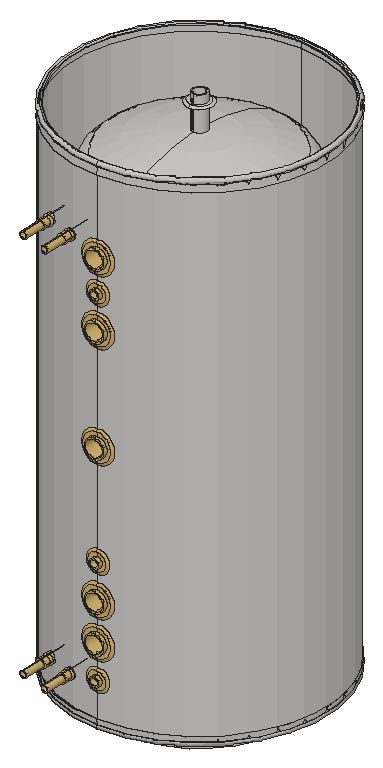
Revit family "HVAC_Boilers_Enertech_CTC-Accumulator-Tank_1-500-50", category Specialty Equipment, Revit 2018
Family settings
  Round Connector Dimension = Use Diameter
  Part Type = Normal
  OmniClass Number = 23.75.00.00
  OmniClass Title = Climate Control (HVAC)
  Work Plane-Based = No
  Always vertical = No
  Cut with Voids When Loaded = No
  Shared = No
  Room Calculation Point = No
Parameters (values of type "CTC Ackumulatortank 1 500/50")
  Weight = "168 kg"
  WaterVolumeWaterSuply = "11 l"
  WaterVolumeHeathingSystem = "490 l"
  WarrantyStartDate [instance] = "n/a"
  WarrantyGuarantorParts = "n/a"
  WarrantyGuarantorLabor = "n/a"
  WarrantyDurationUnit = "Year"
  WarrantyDurationParts = "n/a"
  WarrantyDurationLabor = "n/a"
  WarrantyDescription = "n/a"
  VersionDate = "24/08/2021"  # constant formula
  Version = "1"  # constant formula
  UsageCurrent = 0 A
  Uniclass2015Reference = "Pr_40_70_65"
  Uniclass2015Description = "Preparation catering equipment"
  Uniclass2 = "Pr_40_70_65"
  URL = "https://ctc-heating.com/products/accumulator-tanks"
  UNSPSCCode = "24111810"
  Type Comments = ""
  Touchscreen = "no"
  TagNumber [instance] = "n/a"
  SustainabilityPerformance = "n/a"
  Status = "n/a"
  Standby heat loss, Storage tank = "104 W"
  SpecifiedOutput = "N/A"
  SoundPowerLWA = "N/A"
  Sound pressureLPA 5m = "N/A"
  Sound pressureLPA 1m = "N/A"
  Sound pressureLPA 10m = "N/A"
  Size = "Ø840x1780 mm"
  Shape = "Round"
  SerialNumber [instance] = "7241 xxxx xxxx"
  SEERWarm = "N/A"
  SEERModerate = "N/A"
  SEERCold = "N/A"
  SCOPWarm = "N/A"
  SCOPModerate = "N/A"
  SCOPCold = "N/A"
  Revision = "n/a"  # constant formula
  ReplacementCost = "n/a"
  RefrigerantType = "N/A"
  RefrigerantQuantity = "N/A"
  ReferenceAirFlowRate = "N/A"
  Reference = "n/a"
  RatedVoltage = 0 V
  RatedHeatOutputModerate = "N/A"
  RatedCurrent = 0 A
  PumpMainMaterial = Stainless Steel
  ProductInformation = "CTC Hot water storage tanks is a series of  coil/storage tanks suitable for DHW-preparation and hot water storage, availiable in two models and five sizes. CTC Hot Water Storage Tank 1:  coil tanks for efficient DHW heating. CTC Hot Water Storage Tank 2: volume tanks for hot water storage."
  Product data url = ""
  PowerFactor = 0 W
  PhaseReference = "n/a"
  PhaseAngle = 0.00°
  OutputRangeIimmersionHeater = "N/A"
  OutputRange = "N/A"
  NumberOfPoles = 1
  NominalWidth = 840 mm
  NominalVoltage = 0 V
  NominalHeight = 1780 mm
  NominalFrequencyRange = 0 Hz
  NominalDepth = 840 mm
  NominalCurrent = 0 A
  Name = "CTC-Accumulator-Tank_1-500-50"  # constant formula
  NBSReference = "90-40-40/320"
  NBSDescription = "Air to water heat pumps"
  ModelReference = "n/a"
  ModelNumber = "589900001"
  MinimumCeilingHeight = "1890 mm"
  MaxStartingCurrent = "N/A"
  MaxOperatingTemperature = "100 °C"
  MaxOperatingPressureThermalStore = "6 bar"
  MaxOperatingPressureHotWater = "10 bar"
  MaxAirFlowRate = "N/A"
  Material = "Steel/copper"
  ManufacturerURL = "https://ctc.se/"
  ManufacturerName = "Enertech AB"
  Model = "CTC Ackumulatortank 1 500/50"
  ManufacturerCountry = "Sweden"
  Manufacturer = "Enertech AB"
  InsulationStandardClass = "n/a"
  InstallationDate [instance] = "n/a"
  InPutPower = "N/A"
  IfcExportType = "HEATER"  # constant formula
  IfcExportAs = "IfcElectricalDeviceCommon"  # constant formula
  IP_Code = "N/A"
  HotTapWaterPerformance = "518 l (at 20 l/min)"
  HasProtectiveEarth = yes
  GroupFuse = "N/A"
  Grade = "n/a"
  Finish = "n/a"
  Features = "n/a"
  ExpectedLife = "n/a"
  EnergyClassHeatingWithoutControl = "N/A"
  EnergyClassHeatingWithControl = "N/A"
  ElectricalDeviceNominalPower = 0 W
  EANNumber = "7333077097592"
  DurationUnit = "Year"
  Description = "CTC Hot water storage tanks is a series of  coil/storage tanks suitable for DHW-preparation and hot water storage, availiable in two models and five sizes. CTC Hot Water Storage Tank 1:  coil tanks for efficient DHW heating. CTC Hot Water Storage Tank 2: volume tanks for hot water storage."
  Cost = 0
  Constituents = "n/a"
  ConductorFunction = "n/a"
  Color = "Grey"
  CodePerformance = "n/a"
  Capacity = "N/A"
  COP = "N/A"
  CO2Equivalent = "N/A"
  BrineSystem_Min_MaxPressure = "N/A"
  Barcode [instance] = "n/a"
  AssetIdentifier [instance] = "n/a"
  Category = "Storage tank, hot water"
  Brand = "CTC"
  BIMObjectName = "HVAC_Boilers_Enertech_CTC-Accumulator-Tank_1-500-50"  # constant formula
  Author = "BIMStone"  # constant formula
  AssetType = "Fixed"
  Artikel nr. = ""
  AirFlow = "N/A"
  Accessories = ""
  AccessibilityPerformance = "n/a"
Reference planes
  plane 1 "Center (Front/Back)": y = 0
  plane 2: z = 0
  plane 3 "Center (Left/Right)": x = 0
  plane 4: z = 1780
  plane 5: y = 420
  plane 6: y = -420
  plane 7: x = -420
  plane 8: x = 420
Dimensions and locks
  "NominalHeight": plane 4 to level
  equal spacing: plane 5, plane 1 "Center (Front/Back)", plane 6
  "NominalDepth": plane 5 to plane 6
  equal spacing: plane 7, plane 3 "Center (Left/Right)", plane 8
  "NominalWidth": plane 7 to plane 8
  aligned and locked: level to plane 2
Nested families
  nested 1: "Accumulator-Tank_1-500-50" at (0, 0, 0), Body <- "PumpMainMaterial", type "Accumulator-Tank_1-500-50"
    with Pipes Brass, Body Stainless Steel
Definition of nested family "Accumulator-Tank_1-500-50"
  Parameters (values of type "Accumulator-Tank_1-500-50")
    Pipes [instance] = none
    Body [instance] = none
  Reference planes
    plane 1 "Center (Front/Back)": y = 0
    plane 2: z = 0
    plane 3 "Center (Left/Right)": x = 0
    plane 4: x = -423.349
    plane 5: y = 423.349
    plane 6: y = -423.349
    plane 7: x = 423.349
  Forms (mm)
    Revolve 1, solid, material <- "Body", detail levels medium+fine
      sketch origin (0, 0, 0) x (0, 1, 0) y (0, 0, 1)
        loop
          line (423.349, 1710.261) -> (421.502, 1733.869)
          arc (421.502, 1733.869) -> (421.592, 1734.638) -> (421.968, 1735.314) r 1.996
          arc (421.968, 1735.314) -> (422.358, 1744.96) -> (413.103, 1747.707) r 7.859
          arc (413.103, 1747.707) -> (410.997, 1746.218) -> (409.827, 1743.918) r 5.371
          line (409.827, 1743.918) -> (415.045, 1743.918) -> (415.045, 1742.918) -> (409.045, 1742.918) -> (408.956, 1741.918) -> (416.456, 1741.918) -> (416.456, 1717.918) -> (417.75, 1717.918) -> (419, 1733.896) -> (420, 1733.896) -> (421.849, 1710.261) -> (423.349, 1710.261)
        loop
          line (416.456, 75.873) -> (408.956, 75.873) -> (409.045, 74.873) -> (415.045, 74.873) -> (415.045, 73.873) -> (409.827, 73.873)
          arc (409.827, 73.873) -> (410.997, 71.574) -> (413.103, 70.084) r 5.371
          arc (413.103, 70.084) -> (422.358, 72.832) -> (421.968, 82.478) r 7.859
          arc (421.968, 82.478) -> (421.592, 83.154) -> (421.502, 83.922) r 1.996
          line (421.502, 83.922) -> (422.75, 99.873) -> (421.25, 99.873) -> (420, 83.896) -> (419, 83.896) -> (417.75, 99.873) -> (416.456, 99.873) -> (416.456, 75.873)
        axis (0, 1747.707) -> (0, 70.084)
      angle from 0 to 360
    Revolve 2, solid, material <- "Body", detail levels medium+fine
      sketch origin (0, 0, 0) x (0, 1, 0) y (0, 0, 1)
        loop
          line (419.3, 83.896) -> (420.1, 83.896) -> (420.1, 1733.896) -> (419.3, 1733.896) -> (419.3, 83.896)
        axis (0, 83.896) -> (0, 1733.896)
      angle from 0 to 360
    Revolve 3, solid, material <- "Body", detail levels medium+fine
      sketch origin (0, 0, 0) x (0, 1, 0) y (0, 0, 1)
        loop
          line (-325, 1536.143) -> (-325, 154.143)
          arc (-325, 154.143) -> (-314.893, 118.46) -> (-287.575, 93.379) r 68.041
          arc (-287.575, 93.379) -> (-147.788, 42.844) -> (0, 26.937) r 621.684
          line (0, 26.937) -> (0, 29.937)
          arc (0, 29.937) -> (-147.094, 45.763) -> (-286.225, 96.058) r 618.684
          arc (-286.225, 96.058) -> (-312.339, 120.034) -> (-322, 154.143) r 65.041
          line (-322, 154.143) -> (-322, 1536.143)
          arc (-322, 1536.143) -> (-312.339, 1570.252) -> (-286.225, 1594.228) r 65.041
          arc (-286.225, 1594.228) -> (-156.576, 1642.253) -> (-19.5, 1660.288) r 618.684
          line (-19.5, 1660.288) -> (-19.5, 1773.618) -> (-23.5, 1773.618) -> (-23.5, 1747.618) -> (-35, 1747.618) -> (-43, 1743.618) -> (-23.5, 1743.618) -> (-23.5, 1663.201)
          arc (-23.5, 1663.201) -> (-159.211, 1644.688) -> (-287.575, 1596.907) r 621.684
          arc (-287.575, 1596.907) -> (-314.893, 1571.825) -> (-325, 1536.143) r 68.041
        axis (0, 26.937) -> (0, 1773.618)
      angle from 0 to 360
    Revolve 4, solid, material <- "Body", detail levels medium+fine
      sketch origin (0, 0, 0) x (0, 1, 0) y (0, 0, 1)
        loop
          line (-307, 105) -> (-307, 0) -> (-304, 0) -> (-304, 105) -> (-307, 105)
        axis (0, 0) -> (0, 105)
      angle from 0 to 360
    Revolve 5, solid, material <- "Pipes", detail levels medium+fine
      sketch origin (-190.526, 25, 0) x (0, 1, 0) y (0, 0, 1)
        loop
          line (-515, 1506.143) -> (-515, 1504.643) -> (-258.645, 1504.643) -> (-258.645, 1506.143) -> (-515, 1506.143)
        axis (-258.645, 1495.143) -> (-515, 1495.143)
      angle from 0 to 360
    Revolve 6, solid, material <- "Pipes", detail levels medium+fine
      sketch origin (-190.526, 25, 0) x (0, 1, 0) y (0, 0, 1)
        loop
          line (-445, 1495.143) -> (-388.256, 1495.143) -> (-388.256, 1511.892) -> (-413.256, 1511.892) -> (-423, 1509.643) -> (-445, 1509.643) -> (-445, 1495.143)
        axis (-388.256, 1495.143) -> (-445, 1495.143)
      angle from 0 to 360
    Revolve 7, solid, material <- "Pipes", detail levels medium+fine
      sketch origin (-100.15, 0, 0) x (0, 1, 0) y (0, 0, 1)
        loop
          line (-445, 1495.143) -> (-388.256, 1495.143) -> (-388.256, 1511.892) -> (-413.256, 1511.892) -> (-423, 1509.643) -> (-445, 1509.643) -> (-445, 1495.143)
        axis (-388.256, 1495.143) -> (-445, 1495.143)
      angle from 0 to 360
    Revolve 8, solid, material <- "Pipes", detail levels medium+fine
      sketch origin (-190.526, 25, -1300) x (0, 1, 0) y (0, 0, 1)
        loop
          line (-515, 1506.143) -> (-515, 1504.643) -> (-258.645, 1504.643) -> (-258.645, 1506.143) -> (-515, 1506.143)
        axis (-258.645, 1495.143) -> (-515, 1495.143)
      angle from 0 to 360
    Revolve 9, solid, material <- "Pipes", detail levels medium+fine
      sketch origin (-190.526, 25, -1300) x (0, 1, 0) y (0, 0, 1)
        loop
          line (-445, 1495.143) -> (-388.256, 1495.143) -> (-388.256, 1511.892) -> (-413.256, 1511.892) -> (-423, 1509.643) -> (-445, 1509.643) -> (-445, 1495.143)
        axis (-388.256, 1495.143) -> (-445, 1495.143)
      angle from 0 to 360
    Revolve 10, solid, material <- "Pipes", detail levels medium+fine
      sketch origin (-100.15, 0, -1300) x (0, 1, 0) y (0, 0, 1)
        loop
          line (-445, 1495.143) -> (-388.256, 1495.143) -> (-388.256, 1511.892) -> (-413.256, 1511.892) -> (-423, 1509.643) -> (-445, 1509.643) -> (-445, 1495.143)
        axis (-388.256, 1495.143) -> (-445, 1495.143)
      angle from 0 to 360
    Extrusion 11, void
      sketch origin (0, 0, 0) x (1, 0, 0) y (0, 0, 1)
        loop
          circle (0, 1465.146) r 29
        loop
          circle (0, 1360.146) r 13
        loop
          circle (0, 1250.143) r 29
        loop
          circle (0, 905.146) r 29
        loop
          circle (0, 450.146) r 29
        loop
          circle (0, 325.146) r 29
        loop
          circle (0, 565.146) r 13
        loop
          circle (0, 215.146) r 13
      from 320 to 456.742
    Revolve 12, solid, material <- "Pipes", detail levels medium+fine
      sketch origin (0, 0, 0) x (0, 1, 0) y (0, 0, 1)
        loop
          line (-320, 357.643) -> (-420, 357.643) -> (-420, 379.146) -> (-424, 371.146) -> (-424, 357.643) -> (-435, 357.643) -> (-435, 353.143) -> (-320, 353.143) -> (-320, 357.643)
        axis (-320, 325.143) -> (-435, 325.143)
      angle from 0 to 360
    Revolve 13, solid, material <- "Pipes", detail levels medium+fine
      sketch origin (0, 0, 125) x (0, 1, 0) y (0, 0, 1)
        loop
          line (-320, 357.643) -> (-420, 357.643) -> (-420, 379.146) -> (-424, 371.146) -> (-424, 357.643) -> (-435, 357.643) -> (-435, 353.143) -> (-320, 353.143) -> (-320, 357.643)
        axis (-320, 325.143) -> (-435, 325.143)
      angle from 0 to 360
    Revolve 14, solid, material <- "Pipes", detail levels medium+fine
      sketch origin (0, 0, 580) x (0, 1, 0) y (0, 0, 1)
        loop
          line (-320, 357.643) -> (-420, 357.643) -> (-420, 379.146) -> (-424, 371.146) -> (-424, 357.643) -> (-435, 357.643) -> (-435, 353.143) -> (-320, 353.143) -> (-320, 357.643)
        axis (-320, 325.143) -> (-435, 325.143)
      angle from 0 to 360
    Revolve 15, solid, material <- "Pipes", detail levels medium+fine
      sketch origin (0, 0, 925) x (0, 1, 0) y (0, 0, 1)
        loop
          line (-320, 357.643) -> (-420, 357.643) -> (-420, 379.146) -> (-424, 371.146) -> (-424, 357.643) -> (-435, 357.643) -> (-435, 353.143) -> (-320, 353.143) -> (-320, 357.643)
        axis (-320, 325.143) -> (-435, 325.143)
      angle from 0 to 360
    Revolve 16, solid, material <- "Pipes", detail levels medium+fine
      sketch origin (0, 0, 1035) x (0, 1, 0) y (0, 0, 1)
        loop
          line (-320, 341.142) -> (-420, 341.142) -> (-420, 362.645) -> (-424, 354.645) -> (-424, 341.142) -> (-435, 341.142) -> (-435, 336.642) -> (-320, 336.642) -> (-320, 341.142)
        axis (-320, 325.143) -> (-435, 325.143)
      angle from 0 to 360
    Revolve 17, solid, material <- "Pipes", detail levels medium+fine
      sketch origin (0, 0, 240) x (0, 1, 0) y (0, 0, 1)
        loop
          line (-320, 341.142) -> (-420, 341.142) -> (-420, 362.645) -> (-424, 354.645) -> (-424, 341.142) -> (-435, 341.142) -> (-435, 336.642) -> (-320, 336.642) -> (-320, 341.142)
        axis (-320, 325.143) -> (-435, 325.143)
      angle from 0 to 360
    Revolve 18, solid, material <- "Pipes", detail levels medium+fine
      sketch origin (0, 0, -110) x (0, 1, 0) y (0, 0, 1)
        loop
          line (-320, 341.142) -> (-420, 341.142) -> (-420, 362.645) -> (-424, 354.645) -> (-424, 341.142) -> (-435, 341.142) -> (-435, 336.642) -> (-320, 336.642) -> (-320, 341.142)
        axis (-320, 325.143) -> (-435, 325.143)
      angle from 0 to 360
    Revolve 19, solid, material <- "Pipes", detail levels medium+fine
      sketch origin (0, 0, 1140) x (0, 1, 0) y (0, 0, 1)
        loop
          line (-320, 357.643) -> (-420, 357.643) -> (-420, 379.146) -> (-424, 371.146) -> (-424, 357.643) -> (-435, 357.643) -> (-435, 353.143) -> (-320, 353.143) -> (-320, 357.643)
        axis (-320, 325.143) -> (-435, 325.143)
      angle from 0 to 360
    Revolve 20, solid, material <- "Pipes", detail levels medium+fine
      sketch origin (-100.15, 0, 0) x (0, 1, 0) y (0, 0, 1)
        loop
          line (-515, 1506.143) -> (-515, 1504.643) -> (-258.645, 1504.643) -> (-258.645, 1506.143) -> (-515, 1506.143)
        axis (-258.645, 1495.143) -> (-515, 1495.143)
      angle from 0 to 360
    Revolve 21, solid, material <- "Pipes", detail levels medium+fine
      sketch origin (-100.15, 0, -1300) x (0, 1, 0) y (0, 0, 1)
        loop
          line (-515, 1506.143) -> (-515, 1504.643) -> (-258.645, 1504.643) -> (-258.645, 1506.143) -> (-515, 1506.143)
        axis (-258.645, 1495.143) -> (-515, 1495.143)
      angle from 0 to 360
    Extrusion 22, solid, material <- "Body", detail levels coarse
      sketch origin (0, 0, 0) x (1, 0, 0) y (0, 1, 0)
        loop
          line (-423.349, 423.349) -> (-423.349, -423.349) -> (423.349, -423.349) -> (423.349, 423.349) -> (-423.349, 423.349)
      from 0 to 1748.247
  Cuts and joins
    Extrusion 11 cuts Revolve 2
    Extrusion 11 cuts Revolve 3
  Lines and regions (mm)
    symbolic lines, detail levels medium+fine
      curve 1: arc (0, 415.966, 69.545) -> (0, 423.095, 74.095) -> (0, 421.968, 82.478) r 7.859
      curve 2: line (0, 421.502, 83.922) -> (0, 422.75, 99.873)
      curve 3: line (0, 422.75, 99.873) -> (0, 420.1, 99.873)
      curve 4: line (0, 420.1, 99.873) -> (0, 420.1, 1710.261)
      curve 5: arc (0, 421.968, 1735.314) -> (0, 423.095, 1743.696) -> (0, 415.966, 1748.247) r 7.859
      curve 6: line (0, 420.1, 1710.261) -> (0, 423.349, 1710.261)
      curve 7: line (0, 423.349, 1710.261) -> (0, 421.502, 1733.869)
      curve 8: arc (0, 421.502, 1733.869) -> (0, 421.592, 1734.638) -> (0, 421.968, 1735.314) r 1.996
      curve 11: line (0, 23.5, 1773.618) -> (0, 23.5, 1748.247)
      curve 12: line (0, 23.5, 1773.618) -> (0, -23.5, 1773.618)
      curve 13: line (0, 415.966, 69.545) -> (0, 307, 69.545)
      curve 14: line (0, 307, 0) -> (0, 307, 69.545)
      curve 15: line (0, 307, 0) -> (0, -307, 0)
      curve 19: arc (0, 421.968, 82.478) -> (0, 421.592, 83.154) -> (0, 421.502, 83.922) r 1.996
      curve 21: arc (0, -415.966, 69.545) -> (0, -423.095, 74.095) -> (0, -421.968, 82.478) r 7.859
      curve 22: line (0, -421.502, 83.922) -> (0, -422.75, 99.873)
      curve 23: line (0, -422.75, 99.873) -> (0, -420.1, 99.873)
      curve 24: line (0, -420.1, 99.873) -> (0, -420.1, 179.973)
      curve 25: arc (0, -421.968, 1735.314) -> (0, -423.095, 1743.696) -> (0, -415.966, 1748.247) r 7.859
      curve 26: line (0, -420.1, 1710.261) -> (0, -423.349, 1710.261)
      curve 27: line (0, -423.349, 1710.261) -> (0, -421.502, 1733.869)
      curve 28: arc (0, -421.502, 1733.869) -> (0, -421.592, 1734.638) -> (0, -421.968, 1735.314) r 1.996
      curve 29: line (0, -23.5, 1748.247) -> (0, -415.966, 1748.247)
      curve 31: line (0, -23.5, 1773.618) -> (0, -23.5, 1748.247)
      curve 32: line (0, -415.966, 69.545) -> (0, -307, 69.545)
      curve 33: line (0, -307, 0) -> (0, -307, 69.545)
      curve 37: arc (0, -421.968, 82.478) -> (0, -421.592, 83.154) -> (0, -421.502, 83.922) r 1.996
      curve 39: line (0, 23.5, 1748.247) -> (0, 415.966, 1748.247)
      curve 40: line (0, -515, 1506.143) -> (0, -445, 1506.143)
      curve 41: line (0, -445, 1506.143) -> (0, -445, 1509.643)
      curve 42: line (0, -445, 1509.643) -> (0, -423, 1509.643)
      curve 43: line (0, -423, 1509.643) -> (0, -420.1, 1510.312)
      curve 48: line (0, -423, 1480.643) -> (0, -445, 1480.643)
      curve 49: line (0, -445, 1480.643) -> (0, -445, 1484.143)
      curve 50: line (0, -515, 1484.143) -> (0, -445, 1484.143)
      curve 53: line (0, -420.1, 1510.312) -> (0, -420.1, 1710.261)
      curve 58: line (0, -515, 1506.143) -> (0, -515, 1484.143)
      curve 60: line (0, -420.1, 1479.973) -> (0, -423, 1480.643)
      curve 63: line (0, -424, 1389.645) -> (0, -424, 1376.142)
      curve 64: line (0, -435, 1376.142) -> (0, -435, 1344.143)
      curve 65: line (0, -435, 1376.142) -> (0, -424, 1376.142)
      curve 66: line (0, -424, 1389.645) -> (0, -420.1, 1397.445)
      curve 67: line (0, -424, 1330.64) -> (0, -420.1, 1322.84)
      curve 68: line (0, -435, 1344.143) -> (0, -424, 1344.143)
      curve 69: line (0, -420.1, 1322.84) -> (0, -420.1, 1397.445)
      curve 70: line (0, -420.1, 1397.445) -> (0, -420.1, 1479.973)
      curve 71: line (0, -424, 1296.146) -> (0, -424, 1282.643)
      curve 72: line (0, -435, 1282.643) -> (0, -435, 1217.643)
      curve 73: line (0, -424, 1296.146) -> (0, -420.1, 1303.946)
      curve 74: line (0, -424, 1204.14) -> (0, -420.1, 1196.34)
      curve 75: line (0, -435, 1217.643) -> (0, -424, 1217.643)
      curve 76: line (0, -435, 1282.643) -> (0, -424, 1282.643)
      curve 78: line (0, -424, 1217.643) -> (0, -424, 1204.14)
      curve 79: line (0, -420.1, 1196.34) -> (0, -420.1, 1303.946)
      curve 80: line (0, -420.1, 1303.946) -> (0, -420.1, 1322.84)
      curve 82: line (0, -424, 1344.143) -> (0, -424, 1330.64)
      curve 83: line (0, -424, 951.146) -> (0, -424, 937.643)
      curve 84: line (0, -435, 937.643) -> (0, -435, 872.643)
      curve 85: line (0, -424, 951.146) -> (0, -420.1, 958.946)
      curve 86: line (0, -424, 859.14) -> (0, -420.1, 851.34)
      curve 87: line (0, -435, 872.643) -> (0, -424, 872.643)
      curve 88: line (0, -435, 937.643) -> (0, -424, 937.643)
      curve 90: line (0, -424, 872.643) -> (0, -424, 859.14)
      curve 91: line (0, -420.1, 851.34) -> (0, -420.1, 958.946)
      curve 92: line (0, -424, 496.146) -> (0, -424, 482.643)
      curve 93: line (0, -435, 482.643) -> (0, -435, 417.643)
      curve 94: line (0, -424, 496.146) -> (0, -420.1, 503.946)
      curve 95: line (0, -424, 404.14) -> (0, -420.1, 396.34)
      curve 96: line (0, -435, 417.643) -> (0, -424, 417.643)
      curve 97: line (0, -435, 482.643) -> (0, -424, 482.643)
      curve 99: line (0, -424, 417.643) -> (0, -424, 404.14)
      curve 101: line (0, -424, 371.146) -> (0, -424, 357.643)
      curve 102: line (0, -435, 357.643) -> (0, -435, 292.643)
      curve 103: line (0, -424, 371.146) -> (0, -420.1, 378.946)
      curve 104: line (0, -424, 279.14) -> (0, -420.1, 271.34)
      curve 105: line (0, -435, 292.643) -> (0, -424, 292.643)
      curve 106: line (0, -435, 357.643) -> (0, -424, 357.643)
      curve 108: line (0, -424, 292.643) -> (0, -424, 279.14)
      curve 110: line (0, -424, 594.645) -> (0, -424, 581.142)
      curve 111: line (0, -435, 581.142) -> (0, -435, 549.143)
      curve 112: line (0, -435, 581.142) -> (0, -424, 581.142)
      curve 113: line (0, -424, 594.645) -> (0, -420.1, 602.445)
      curve 114: line (0, -424, 535.64) -> (0, -420.1, 527.84)
      curve 115: line (0, -435, 549.143) -> (0, -424, 549.143)
      curve 118: line (0, -424, 549.143) -> (0, -424, 535.64)
      curve 119: line (0, -515, 206.143) -> (0, -445, 206.143)
      curve 120: line (0, -445, 206.143) -> (0, -445, 209.643)
      curve 121: line (0, -445, 209.643) -> (0, -423, 209.643)
      curve 122: line (0, -423, 209.643) -> (0, -420.1, 210.312)
      curve 127: line (0, -423, 180.643) -> (0, -445, 180.643)
      curve 128: line (0, -445, 180.643) -> (0, -445, 184.143)
      curve 129: line (0, -515, 184.143) -> (0, -445, 184.143)
      curve 136: line (0, -515, 206.143) -> (0, -515, 184.143)
      curve 138: line (0, -420.1, 179.973) -> (0, -423, 180.643)
      curve 141: line (0, -420.1, 210.312) -> (0, -420.1, 271.34)
      curve 142: line (0, -420.1, 378.946) -> (0, -420.1, 396.34)
      curve 143: line (0, -420.1, 503.946) -> (0, -420.1, 527.84)
      curve 144: line (0, -420.1, 602.445) -> (0, -420.1, 851.34)
      curve 145: line (0, -420.1, 958.946) -> (0, -420.1, 1196.34)
      curve 146: arc (-415.966, 0, 1748.247) -> (-423.095, 0, 1743.696) -> (-421.968, 0, 1735.314) r 7.859
      curve 147: arc (-421.968, 0, 1735.314) -> (-421.592, 0, 1734.638) -> (-421.502, 0, 1733.869) r 1.996
      curve 148: line (-421.502, 0, 1733.869) -> (-423.349, 0, 1710.261)
      curve 149: line (-423.349, 0, 1710.261) -> (-420.1, 0, 1710.261)
      curve 150: line (-415.966, 0, 1748.247) -> (-23.5, 0, 1748.247)
      curve 151: line (-420.1, 0, 1710.261) -> (-420.1, 0, 99.873)
      curve 152: arc (-421.968, 0, 82.478) -> (-423.095, 0, 74.095) -> (-415.966, 0, 69.545) r 7.859
      curve 153: line (-420.1, 0, 99.873) -> (-422.75, 0, 99.873)
      curve 154: line (-422.75, 0, 99.873) -> (-421.502, 0, 83.922)
      curve 155: arc (-421.502, 0, 83.922) -> (-421.592, 0, 83.154) -> (-421.968, 0, 82.478) r 1.996
      curve 156: line (-415.966, 0, 69.545) -> (-307, 0, 69.545)
      curve 157: line (-307, 0, 0) -> (-307, 0, 69.545)
      curve 158: arc (415.966, 0, 1748.247) -> (423.095, 0, 1743.696) -> (421.968, 0, 1735.314) r 7.859
      curve 159: arc (421.968, 0, 1735.314) -> (421.592, 0, 1734.638) -> (421.502, 0, 1733.869) r 1.996
      curve 160: line (421.502, 0, 1733.869) -> (423.349, 0, 1710.261)
      curve 161: line (423.349, 0, 1710.261) -> (420.1, 0, 1710.261)
      curve 162: line (420.1, 0, 1710.261) -> (420.1, 0, 99.873)
      curve 163: arc (421.968, 0, 82.478) -> (423.095, 0, 74.095) -> (415.966, 0, 69.545) r 7.859
      curve 164: line (420.1, 0, 99.873) -> (422.75, 0, 99.873)
      curve 165: line (422.75, 0, 99.873) -> (421.502, 0, 83.922)
      curve 166: arc (421.502, 0, 83.922) -> (421.592, 0, 83.154) -> (421.968, 0, 82.478) r 1.996
      curve 167: line (-23.5, 0, 1773.618) -> (-23.5, 0, 1748.247)
      curve 168: line (-23.5, 0, 1773.618) -> (23.5, 0, 1773.618)
      curve 169: line (23.5, 0, 1773.618) -> (23.5, 0, 1748.247)
      curve 170: line (415.966, 0, 1748.247) -> (23.5, 0, 1748.247)
      curve 176: line (415.966, 0, 69.545) -> (307, 0, 69.545)
      curve 177: line (307, 0, 0) -> (307, 0, 69.545)
      curve 178: line (-307, 0, 0) -> (307, 0, 0)
      curve 268: arc (-173.777, -386.039, 0) -> (-145.711, -397.483, 0) -> (-116.9, -406.889, 0) r 423.349
      curve 275: line (-205.026, -420, 0) -> (-205.026, -398, 0)
      curve 276: line (-205.026, -398, 0) -> (-207.276, -388.256, 0)
      curve 277: line (-207.276, -388.256, 0) -> (-207.276, -369.136, 0)
      curve 278: line (-201.526, -420, 0) -> (-205.026, -420, 0)
      curve 280: line (-201.526, -490, 0) -> (-201.526, -420, 0)
      curve 281: line (-176.026, -420, 0) -> (-176.026, -398, 0)
      curve 282: line (-176.026, -398, 0) -> (-173.777, -388.256, 0)
      curve 283: line (-173.777, -388.256, 0) -> (-173.777, -386.039, 0)
      curve 284: line (-179.526, -420, 0) -> (-176.026, -420, 0)
      curve 286: line (-179.526, -490, 0) -> (-179.526, -420, 0)
      curve 287: line (-201.526, -490, 0) -> (-179.526, -490, 0)
      curve 290: line (-114.65, -445, 0) -> (-114.65, -423, 0)
      curve 291: line (-114.65, -423, 0) -> (-116.9, -413.256, 0)
      curve 292: line (-116.9, -413.256, 0) -> (-116.9, -406.889, 0)
      curve 293: line (-111.15, -445, 0) -> (-114.65, -445, 0)
      curve 295: line (-111.15, -515, 0) -> (-111.15, -445, 0)
      curve 296: line (-85.65, -445, 0) -> (-85.65, -423, 0)
      curve 297: line (-85.65, -423, 0) -> (-83.797, -414.973, 0)
      curve 298: line (-89.15, -445, 0) -> (-85.65, -445, 0)
      curve 300: line (-89.15, -515, 0) -> (-89.15, -445, 0)
      curve 301: line (-111.15, -515, 0) -> (-89.15, -515, 0)
      curve 303: arc (-83.797, -414.973, 0) -> (-69.09, -417.673, 0) -> (-54.298, -419.853, 0) r 423.349
      curve 305: line (-32.5, -435, 0) -> (32.5, -435, 0)
      curve 306: line (-32.5, -435, 0) -> (-32.5, -424, 0)
      curve 307: line (-32.5, -424, 0) -> (-46.003, -424, 0)
      curve 308: line (-46.003, -424, 0) -> (-54.298, -419.853, 0)
      curve 309: line (32.5, -435, 0) -> (32.5, -424, 0)
      curve 310: line (32.5, -424, 0) -> (46.003, -424, 0)
      curve 311: line (46.003, -424, 0) -> (54.298, -419.853, 0)
      curve 314: arc (54.298, -419.853, 0) -> (80.583, 415.609, 0) -> (-207.276, -369.136, 0) r 423.349
    symbolic lines, detail levels fine
      curve 9: line (0, -23.5, 1748.247) -> (0, 23.5, 1748.247)
      curve 10: line (0, 420.1, 1710.261) -> (0, 0, 1710.261)
      curve 16: line (0, 307, 69.545) -> (0, 0, 69.545)
      curve 17: line (0, 420.1, 99.873) -> (0, 0, 99.873)
      curve 18: line (0, 421.502, 1733.869) -> (0, 0, 1733.869)
      curve 20: line (0, 421.502, 83.922) -> (0, 0, 83.922)
      curve 30: line (0, -420.1, 1710.261) -> (0, 0, 1710.261)
      curve 34: line (0, -307, 69.545) -> (0, 0, 69.545)
      curve 35: line (0, -420.1, 99.873) -> (0, 0, 99.873)
      curve 36: line (0, -421.502, 1733.869) -> (0, 0, 1733.869)
      curve 38: line (0, -421.502, 83.922) -> (0, 0, 83.922)
      curve 44: line (0, -413.256, 1511.892) -> (0, -363.256, 1511.892)
      curve 45: line (0, -363.256, 1511.892) -> (0, -363.256, 1478.393)
      curve 46: line (0, -363.256, 1478.393) -> (0, -413.256, 1478.393)
      curve 47: line (0, -413.256, 1478.393) -> (0, -420.1, 1479.973)
      curve 51: line (0, -398, 1509.643) -> (0, -420, 1509.643)
      curve 52: line (0, -398, 1480.643) -> (0, -420, 1480.643)
      curve 54: line (0, -420, 1509.643) -> (0, -420, 1480.643)
      curve 55: line (0, -398, 1509.643) -> (0, -398, 1480.643)
      curve 56: line (0, -398, 1480.643) -> (0, -388.256, 1478.393)
      curve 57: line (0, -398, 1509.643) -> (0, -388.256, 1511.892)
      curve 59: line (0, -420.1, 1510.312) -> (0, -413.256, 1511.892)
      curve 61: line (0, -445, 1484.143) -> (0, -420, 1484.143)
      curve 62: line (0, -445, 1506.143) -> (0, -420, 1506.143)
      curve 77: line (0, -424, 1282.643) -> (0, -424, 1217.643)
      curve 81: line (0, -424, 1376.142) -> (0, -424, 1344.143)
      curve 89: line (0, -424, 937.643) -> (0, -424, 872.643)
      curve 98: line (0, -424, 482.643) -> (0, -424, 417.643)
      curve 100: line (0, -420.1, 396.34) -> (0, -420.1, 503.946)
      curve 107: line (0, -424, 357.643) -> (0, -424, 292.643)
      curve 109: line (0, -420.1, 271.34) -> (0, -420.1, 378.946)
      curve 116: line (0, -420.1, 527.84) -> (0, -420.1, 602.445)
      curve 117: line (0, -424, 581.142) -> (0, -424, 549.143)
      curve 123: line (0, -413.256, 211.892) -> (0, -363.256, 211.892)
      curve 124: line (0, -363.256, 211.892) -> (0, -363.256, 178.393)
      curve 125: line (0, -363.256, 178.393) -> (0, -413.256, 178.393)
      curve 126: line (0, -413.256, 178.393) -> (0, -420.1, 179.973)
      curve 130: line (0, -398, 209.643) -> (0, -420, 209.643)
      curve 131: line (0, -398, 180.643) -> (0, -420, 180.643)
      curve 132: line (0, -420, 209.643) -> (0, -420, 180.643)
      curve 133: line (0, -398, 209.643) -> (0, -398, 180.643)
      curve 134: line (0, -398, 180.643) -> (0, -388.256, 178.393)
      curve 135: line (0, -398, 209.643) -> (0, -388.256, 211.892)
      curve 137: line (0, -420.1, 210.312) -> (0, -413.256, 211.892)
      curve 139: line (0, -445, 184.143) -> (0, -420, 184.143)
      curve 140: line (0, -445, 206.143) -> (0, -420, 206.143)
      curve 171: line (-23.5, 0, 1748.247) -> (23.5, 0, 1748.247)
      curve 172: line (-420.1, 0, 1710.261) -> (420.1, 0, 1710.261)
      curve 173: line (-421.502, 0, 1733.869) -> (421.502, 0, 1733.869)
      curve 174: line (-421.502, 0, 83.922) -> (421.502, 0, 83.922)
      curve 175: line (420.1, 0, 99.873) -> (-420.1, 0, 99.873)
      curve 179: line (307, 0, 69.545) -> (-307, 0, 69.545)
      curve 180: arc (-190.526, 0, 211.892) -> (-207.276, 0, 195.143) -> (-190.526, 0, 178.393) r 16.75
      curve 181: arc (-190.526, 0, 204.643) -> (-200.026, 0, 195.143) -> (-190.526, 0, 185.643) r 9.5
      curve 182: arc (-190.526, 0, 185.643) -> (-181.026, 0, 195.143) -> (-190.526, 0, 204.643) r 9.5
      curve 183: arc (-190.526, 0, 178.393) -> (-173.777, 0, 195.143) -> (-190.526, 0, 211.892) r 16.75
      curve 184: arc (-100.15, 0, 211.892) -> (-116.9, 0, 195.143) -> (-100.15, 0, 178.393) r 16.75
      curve 185: arc (-100.15, 0, 178.393) -> (-83.401, 0, 195.143) -> (-100.15, 0, 211.892) r 16.75
      curve 186: arc (-100.15, 0, 206.143) -> (-111.15, 0, 195.143) -> (-100.15, 0, 184.143) r 11
      curve 187: arc (-100.15, 0, 204.643) -> (-109.65, 0, 195.143) -> (-100.15, 0, 185.643) r 9.5
      curve 188: arc (-100.15, 0, 184.143) -> (-89.15, 0, 195.143) -> (-100.15, 0, 206.143) r 11
      curve 189: arc (-100.15, 0, 185.643) -> (-90.65, 0, 195.143) -> (-100.15, 0, 204.643) r 9.5
      curve 190: arc (-190.526, 0, 206.143) -> (-201.526, 0, 195.143) -> (-190.526, 0, 184.143) r 11
      curve 191: arc (-190.526, 0, 184.143) -> (-179.526, 0, 195.143) -> (-190.526, 0, 206.143) r 11
      curve 192: arc (0, 0, 177.64) -> (-37.503, 0, 215.143) -> (0, 0, 252.645) r 37.503
      curve 193: arc (0, 0, 252.645) -> (37.503, 0, 215.143) -> (0, 0, 177.64) r 37.503
      curve 194: arc (0, 0, 185.64) -> (-29.503, 0, 215.143) -> (0, 0, 244.645) r 29.503
      curve 195: arc (0, 0, 244.645) -> (29.503, 0, 215.143) -> (0, 0, 185.64) r 29.503
      curve 196: arc (0, 0, 231.142) -> (-16, 0, 215.143) -> (0, 0, 199.143) r 16
      curve 197: arc (0, 0, 226.642) -> (-11.5, 0, 215.143) -> (0, 0, 203.643) r 11.5
      curve 198: arc (0, 0, 199.143) -> (16, 0, 215.143) -> (0, 0, 231.142) r 16
      curve 199: arc (0, 0, 203.643) -> (11.5, 0, 215.143) -> (0, 0, 226.642) r 11.5
      curve 200: arc (0, 0, 271.14) -> (-54.003, 0, 325.143) -> (0, 0, 379.146) r 54.003
      curve 201: arc (0, 0, 279.14) -> (-46.003, 0, 325.143) -> (0, 0, 371.146) r 46.003
      curve 202: arc (0, 0, 357.643) -> (-32.5, 0, 325.143) -> (0, 0, 292.643) r 32.5
      curve 203: arc (0, 0, 353.143) -> (-28, 0, 325.143) -> (0, 0, 297.143) r 28
      curve 204: arc (0, 0, 297.143) -> (28, 0, 325.143) -> (0, 0, 353.143) r 28
      curve 205: arc (0, 0, 292.643) -> (32.5, 0, 325.143) -> (0, 0, 357.643) r 32.5
      curve 206: arc (0, 0, 371.146) -> (46.003, 0, 325.143) -> (0, 0, 279.14) r 46.003
      curve 207: arc (0, 0, 379.146) -> (54.003, 0, 325.143) -> (0, 0, 271.14) r 54.003
      curve 208: arc (0, 0, 396.14) -> (-54.003, 0, 450.143) -> (0, 0, 504.146) r 54.003
      curve 209: arc (0, 0, 404.14) -> (-46.003, 0, 450.143) -> (0, 0, 496.146) r 46.003
      curve 210: arc (0, 0, 482.643) -> (-32.5, 0, 450.143) -> (0, 0, 417.643) r 32.5
      curve 211: arc (0, 0, 478.143) -> (-28, 0, 450.143) -> (0, 0, 422.143) r 28
      curve 212: arc (0, 0, 422.143) -> (28, 0, 450.143) -> (0, 0, 478.143) r 28
      curve 213: arc (0, 0, 417.643) -> (32.5, 0, 450.143) -> (0, 0, 482.643) r 32.5
      curve 214: arc (0, 0, 496.146) -> (46.003, 0, 450.143) -> (0, 0, 404.14) r 46.003
      curve 215: arc (0, 0, 504.146) -> (54.003, 0, 450.143) -> (0, 0, 396.14) r 54.003
      curve 216: arc (0, 0, 851.14) -> (-54.003, 0, 905.143) -> (0, 0, 959.146) r 54.003
      curve 217: arc (0, 0, 859.14) -> (-46.003, 0, 905.143) -> (0, 0, 951.146) r 46.003
      curve 218: arc (0, 0, 937.643) -> (-32.5, 0, 905.143) -> (0, 0, 872.643) r 32.5
      curve 219: arc (0, 0, 933.143) -> (-28, 0, 905.143) -> (0, 0, 877.143) r 28
      curve 220: arc (0, 0, 877.143) -> (28, 0, 905.143) -> (0, 0, 933.143) r 28
      curve 221: arc (0, 0, 872.643) -> (32.5, 0, 905.143) -> (0, 0, 937.643) r 32.5
      curve 222: arc (0, 0, 951.146) -> (46.003, 0, 905.143) -> (0, 0, 859.14) r 46.003
      curve 223: arc (0, 0, 959.146) -> (54.003, 0, 905.143) -> (0, 0, 851.14) r 54.003
      curve 224: arc (0, 0, 1196.14) -> (-54.003, 0, 1250.143) -> (0, 0, 1304.146) r 54.003
      curve 225: arc (0, 0, 1204.14) -> (-46.003, 0, 1250.143) -> (0, 0, 1296.146) r 46.003
      curve 226: arc (0, 0, 1282.643) -> (-32.5, 0, 1250.143) -> (0, 0, 1217.643) r 32.5
      curve 227: arc (0, 0, 1278.143) -> (-28, 0, 1250.143) -> (0, 0, 1222.143) r 28
      curve 228: arc (0, 0, 1222.143) -> (28, 0, 1250.143) -> (0, 0, 1278.143) r 28
      curve 229: arc (0, 0, 1217.643) -> (32.5, 0, 1250.143) -> (0, 0, 1282.643) r 32.5
      curve 230: arc (0, 0, 1296.146) -> (46.003, 0, 1250.143) -> (0, 0, 1204.14) r 46.003
      curve 231: arc (0, 0, 1304.146) -> (54.003, 0, 1250.143) -> (0, 0, 1196.14) r 54.003
      curve 232: arc (0, 0, 1411.14) -> (-54.003, 0, 1465.143) -> (0, 0, 1519.146) r 54.003
      curve 233: arc (0, 0, 1419.14) -> (-46.003, 0, 1465.143) -> (0, 0, 1511.146) r 46.003
      curve 234: arc (0, 0, 1497.643) -> (-32.5, 0, 1465.143) -> (0, 0, 1432.643) r 32.5
      curve 235: arc (0, 0, 1493.143) -> (-28, 0, 1465.143) -> (0, 0, 1437.143) r 28
      curve 236: arc (0, 0, 1437.143) -> (28, 0, 1465.143) -> (0, 0, 1493.143) r 28
      curve 237: arc (0, 0, 1432.643) -> (32.5, 0, 1465.143) -> (0, 0, 1497.643) r 32.5
      curve 238: arc (0, 0, 1511.146) -> (46.003, 0, 1465.143) -> (0, 0, 1419.14) r 46.003
      curve 239: arc (0, 0, 1519.146) -> (54.003, 0, 1465.143) -> (0, 0, 1411.14) r 54.003
      curve 240: arc (0, 0, 527.64) -> (-37.503, 0, 565.143) -> (0, 0, 602.645) r 37.503
      curve 241: arc (0, 0, 602.645) -> (37.503, 0, 565.143) -> (0, 0, 527.64) r 37.503
      curve 242: arc (0, 0, 535.64) -> (-29.503, 0, 565.143) -> (0, 0, 594.645) r 29.503
      curve 243: arc (0, 0, 594.645) -> (29.503, 0, 565.143) -> (0, 0, 535.64) r 29.503
      curve 244: arc (0, 0, 581.142) -> (-16, 0, 565.143) -> (0, 0, 549.143) r 16
      curve 245: arc (0, 0, 576.642) -> (-11.5, 0, 565.143) -> (0, 0, 553.643) r 11.5
      curve 246: arc (0, 0, 549.143) -> (16, 0, 565.143) -> (0, 0, 581.142) r 16
      curve 247: arc (0, 0, 553.643) -> (11.5, 0, 565.143) -> (0, 0, 576.642) r 11.5
      curve 248: arc (0, 0, 1322.64) -> (-37.503, 0, 1360.143) -> (0, 0, 1397.645) r 37.503
      curve 249: arc (0, 0, 1397.645) -> (37.503, 0, 1360.143) -> (0, 0, 1322.64) r 37.503
      curve 250: arc (0, 0, 1330.64) -> (-29.503, 0, 1360.143) -> (0, 0, 1389.645) r 29.503
      curve 251: arc (0, 0, 1389.645) -> (29.503, 0, 1360.143) -> (0, 0, 1330.64) r 29.503
      curve 252: arc (0, 0, 1376.142) -> (-16, 0, 1360.143) -> (0, 0, 1344.143) r 16
      curve 253: arc (0, 0, 1371.642) -> (-11.5, 0, 1360.143) -> (0, 0, 1348.643) r 11.5
      curve 254: arc (0, 0, 1344.143) -> (16, 0, 1360.143) -> (0, 0, 1376.142) r 16
      curve 255: arc (0, 0, 1348.643) -> (11.5, 0, 1360.143) -> (0, 0, 1371.642) r 11.5
      curve 256: arc (-190.526, 0, 1511.892) -> (-207.276, 0, 1495.143) -> (-190.526, 0, 1478.393) r 16.75
      curve 257: arc (-190.526, 0, 1504.643) -> (-200.026, 0, 1495.143) -> (-190.526, 0, 1485.643) r 9.5
      curve 258: arc (-190.526, 0, 1485.643) -> (-181.026, 0, 1495.143) -> (-190.526, 0, 1504.643) r 9.5
      curve 259: arc (-190.526, 0, 1478.393) -> (-173.777, 0, 1495.143) -> (-190.526, 0, 1511.892) r 16.75
      curve 260: arc (-100.15, 0, 1511.892) -> (-116.9, 0, 1495.143) -> (-100.15, 0, 1478.393) r 16.75
      curve 261: arc (-100.15, 0, 1478.393) -> (-83.401, 0, 1495.143) -> (-100.15, 0, 1511.892) r 16.75
      curve 262: arc (-100.15, 0, 1506.143) -> (-111.15, 0, 1495.143) -> (-100.15, 0, 1484.143) r 11
      curve 263: arc (-100.15, 0, 1504.643) -> (-109.65, 0, 1495.143) -> (-100.15, 0, 1485.643) r 9.5
      curve 264: arc (-100.15, 0, 1484.143) -> (-89.15, 0, 1495.143) -> (-100.15, 0, 1506.143) r 11
      curve 265: arc (-100.15, 0, 1485.643) -> (-90.65, 0, 1495.143) -> (-100.15, 0, 1504.643) r 9.5
      curve 266: arc (-190.526, 0, 1506.143) -> (-201.526, 0, 1495.143) -> (-190.526, 0, 1484.143) r 11
      curve 267: arc (-190.526, 0, 1484.143) -> (-179.526, 0, 1495.143) -> (-190.526, 0, 1506.143) r 11
      curve 269: circle (0, 0, 0) r 408.956 normal (0, 0, 1)
      curve 270: circle (0, 0, 0) r 325 normal (0, 0, 1)
      curve 271: circle (0, 0, 0) r 43 normal (0, 0, 1)
      curve 272: circle (0, 0, 0) r 35 normal (0, 0, 1)
      curve 273: circle (0, 0, 0) r 23.5 normal (0, 0, 1)
      curve 274: circle (0, 0, 0) r 19.5 normal (0, 0, 1)
      curve 279: line (-201.526, -355.855, 0) -> (-201.526, -254.975, 0)
      curve 285: line (-179.526, -367.445, 0) -> (-179.526, -270.916, 0)
      curve 288: line (-201.526, -420, 0) -> (-179.526, -420, 0)
      curve 289: arc (-207.276, -369.136, 0) -> (-190.713, -377.959, 0) -> (-173.777, -386.039, 0) r 423.349
      curve 294: line (-111.15, -393.562, 0) -> (-111.15, -305.402, 0)
      curve 299: line (-89.15, -399.121, 0) -> (-89.15, -312.534, 0)
      curve 302: line (-111.15, -445, 0) -> (-89.15, -445, 0)
      curve 304: arc (-116.9, -406.889, 0) -> (-100.43, -411.264, 0) -> (-83.797, -414.973, 0) r 423.349
      curve 312: line (-32.5, -424, 0) -> (32.5, -424, 0)
      curve 313: arc (-54.298, -419.853, 0) -> (0, -423.349, 0) -> (54.298, -419.853, 0) r 423.349
  Dimensions and locks
    aligned and locked: level to plane 2
